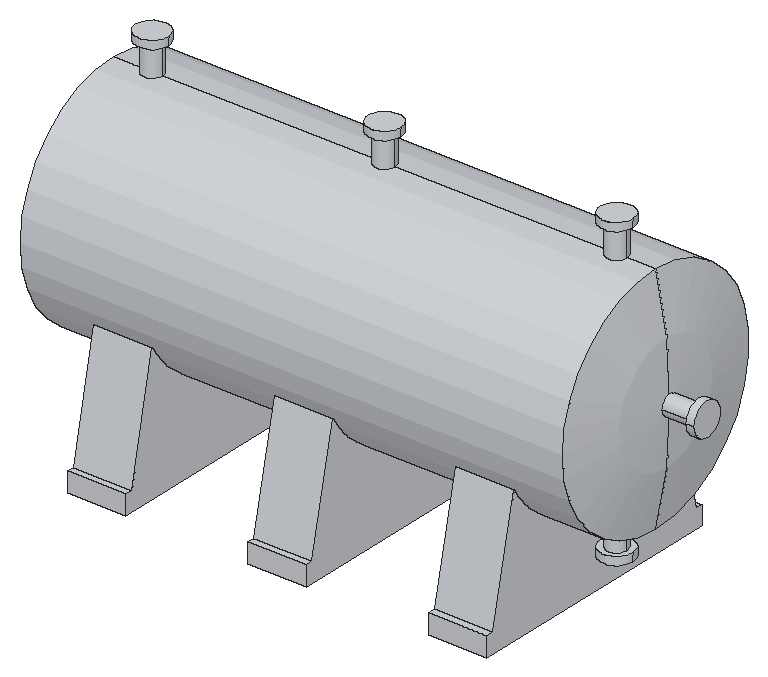
Revit family "M_Reservatório de armazenamento - Horizontal", category Equipamento mecânico, Revit 2019
Family settings
  Cota do conector redondo = Usar raio
  Tipo de parte = Normal
  Número OmniClass = 23.15.30.27.11
  Título OmniClass = Tanks, Reservoirs
  ID de item do Seek = Storage Tank - Horizontal-0000-CAN-ENU
  Com base no plano de trabalho = Não
  Sempre na vertical = Sim
  Corte com vazios quando carregada = Não
  Compartilhado = Não
  Ponto de cálculo do ambiente = Não
Parameters (values of type "456 L")
  Largura 1 = 0.41 * Diâmetro do reservatório + Altura 2 / tan(75.00°)  # 331.691 mm
  Raio da ventilação = 25 mm
  Diâmetro da ventilação = Raio da ventilação * 2  # 50 mm
  Raio do reservatório = Diâmetro do reservatório / 2  # 305 mm
  Material do reservatório = none
  Comprimento do reservatório = 1689 mm
  Diâmetro do reservatório = 610 mm
  Raio 1 = (((Comprimento do reservatório - Comprimento do corpo) / 2 - 20.637 mm - 76.2 mm) * ((Comprimento do reservatório - Comprimento do corpo) / 2 - 20.637 mm - 76.2 mm) + Raio do reservatório * Raio do reservatório) / (2 * ((Comprimento do reservatório - Comprimento do corpo) / 2 - 20.637 mm - 76.2 mm))  # 1237.882 mm
  Raio da saída = 25 mm
  Diâmetro da saída = Raio da saída * 2  # 50 mm
  Comprimento 1 = Comprimento do corpo / 6  # 236.5 mm
  Raio da embocadura = 25 mm
  Diâmetro da embocadura = Raio da embocadura * 2  # 50 mm
  Altura 2 = Altura 1 + Diâmetro do reservatório / 4  # 304.5 mm
  Altura 1 = 152 mm
  Comprimento do meio corpo = Comprimento do corpo / 2  # 709.5 mm
  Raio do sanitário = 25 mm
  Diâmetro do sanitário = Raio do sanitário * 2  # 50 mm
  Fluxo [instance] = 0.0 L/s
  Raio externo do conector = Diâmetro externo do conector / 2  # 26.25 mm
  Diâmetro externo do conector = Diâmetro da embocadura * 1.05  # 52.5 mm
  Raio externo da flange do conector = Diâmetro externo da flange do conector / 2  # 42.5 mm
  Diâmetro externo da flange do conector = Diâmetro da embocadura * 1.7  # 85 mm
  Comprimento do corpo = Comprimento do reservatório - 21 mm - 76 mm - 21 mm - 76 mm - 76 mm  # 1419 mm
  Assembly Code = ""
Types (8, lengths in mm): name | Largura 1 | Raio da ventilação | Diâmetro da ventilação | Raio do reservatório | Comprimento do reservatório | Diâmetro do reservatório | Raio 1 | Raio da saída | Diâmetro da saída | Comprimento 1 | Raio da embocadura | Diâmetro da embocadura | Altura 2 | Altura 1 | Comprimento do meio corpo | Raio do sanitário | Diâmetro do sanitário | Raio externo do conector | Diâmetro externo do conector | Raio externo da flange do conector | Diâmetro externo da flange do conector | Comprimento do corpo
  760 L | 414.643 | 32.5 | 65 | 381 | 1887 | 762 | 1920.961 | 32.5 | 65 | 269.5 | 32.5 | 65 | 381.5 | 191 | 808.5 | 32.5 | 65 | 34.125 | 68.25 | 55.25 | 110.5 | 1617
  456 L | 331.691 | 25 | 50 | 305 | 1689 | 610 | 1237.882 | 25 | 50 | 236.5 | 25 | 50 | 304.5 | 152 | 709.5 | 25 | 50 | 26.25 | 52.5 | 42.5 | 85 | 1419
  1330 L | 497.327 | 32.5 | 65 | 457 | 2293 | 914 | 2755.393 | 32.5 | 65 | 337.167 | 32.5 | 65 | 457.5 | 229 | 1011.5 | 32.5 | 65 | 34.125 | 68.25 | 55.25 | 110.5 | 2023
  1900 L | 663.172 | 40 | 80 | 609.5 | 2634 | 1219 | 4886.297 | 40 | 80 | 394 | 40 | 80 | 609.75 | 305 | 1182 | 40 | 80 | 42 | 84 | 68 | 136 | 2364
  2850 L | 663.172 | 40 | 80 | 609.5 | 2889 | 1219 | 4886.297 | 40 | 80 | 436.5 | 40 | 80 | 609.75 | 305 | 1309.5 | 40 | 80 | 42 | 84 | 68 | 136 | 2619
  3800 L | 663.172 | 40 | 80 | 609.5 | 3702 | 1219 | 4886.297 | 40 | 80 | 572 | 40 | 80 | 609.75 | 305 | 1716 | 40 | 80 | 42 | 84 | 68 | 136 | 3432
  7600 L | 746.333 | 40 | 80 | 686 | 3753 | 1372 | 6184.767 | 40 | 80 | 580.5 | 40 | 80 | 686 | 343 | 1741.5 | 40 | 80 | 42 | 84 | 68 | 136 | 3483
  114000 L | 829.017 | 40 | 80 | 762 | 3753 | 1524 | 7626.602 | 40 | 80 | 580.5 | 40 | 80 | 762 | 381 | 1741.5 | 40 | 80 | 42 | 84 | 68 | 136 | 3483
Reference planes
  plane 1 "Centro (Frente/Trás)": y = 0
  plane 2: z = 0
  plane 3 "Centro (Esquerda/Direita)": x = 0
  plane 4: z = 50.8
  plane 5: z = 202.8
  plane 6: z = 507.8
  plane 7: x = -844.5
  plane 8: x = 844.5
  plane 9: x = -823.863
  plane 10: x = 823.863
  plane 11: x = -747.663
  plane 12: x = 747.663
  plane 13: z = 812.8
  plane 14: x = -709.5
  plane 15: x = 709.5
  plane 16: x = -607.9
  plane 17: z = 889
  plane 18: z = 909.638
  plane 19: x = 607.9
  plane 20: z = 126.6
  plane 21: z = 105.962
  plane 22: x = -473
  plane 23: x = -549.2
  plane 24: x = -396.8
  plane 25: x = 473
  plane 26: x = 549.2
  plane 27: z = 355.3
  plane 28: y = -331.691
  plane 29: y = 331.691
  plane 30: y = -350.741
  plane 31: y = 350.741
  plane 32: x = 396.8
  plane 33: x = -76.2
  plane 34: x = 76.2
  plane 35: y = 305
  plane 36: y = -305
  plane 37: y = 42.5
  plane 38: y = -42.5
  plane 39: y = 26.25
  plane 40: y = -26.25
Forms (mm)
  Revolve 1, solid, material <- "Material do reservatório"
    sketch origin (0, 0, 0) x (1, 0, 0) y (0, 0, 1)
      loop
        arc (-709.5, 812.8) -> (-738.085, 661.489) -> (-747.663, 507.8) r 1237.882
        line (-747.663, 507.8) -> (747.663, 507.8)
        arc (747.663, 507.8) -> (738.085, 661.489) -> (709.5, 812.8) r 1237.882
        line (709.5, 812.8) -> (-709.5, 812.8)
      axis (-747.663, 507.8) -> (747.663, 507.8)
    angle from 0 to 360
  Extrusion 2, solid, material <- "Material do reservatório"
    sketch origin (0, 0, 0) x (1, 0, 0) y (0, 1, 0)
      loop
        circle (-607.9, 0) r 26.25
    from 812.8 to 889
  Extrusion 3, solid, material <- "Material do reservatório"
    sketch origin (0, 0, 0) x (1, 0, 0) y (0, 1, 0)
      loop
        circle (-607.9, 0) r 42.5
    from 889 to 909.637
  Extrusion 4, solid, material <- "Material do reservatório"
    sketch origin (0, 0, 0) x (1, 0, 0) y (0, 1, 0)
      loop
        circle (607.9, 0) r 26.25
    from 812.8 to 889
  Extrusion 5, solid, material <- "Material do reservatório"
    sketch origin (0, 0, 0) x (1, 0, 0) y (0, 1, 0)
      loop
        circle (607.9, 0) r 42.5
    from 889 to 909.637
  Extrusion 6, solid, material <- "Material do reservatório"
    sketch origin (0, 0, 0) x (1, 0, 0) y (0, 1, 0)
      loop
        circle (0, 0) r 26.25
    from 812.8 to 889
  Extrusion 7, solid, material <- "Material do reservatório"
    sketch origin (0, 0, 0) x (1, 0, 0) y (0, 1, 0)
      loop
        circle (0, 0) r 42.5
    from 889 to 909.637
  Extrusion 8, solid, material <- "Material do reservatório"
    sketch origin (0, 0, 0) x (1, 0, 0) y (0, 1, 0)
      loop
        circle (-607.9, 0) r 26.25
    from 126.6 to 202.8
  Extrusion 9, solid, material <- "Material do reservatório"
    sketch origin (0, 0, 0) x (1, 0, 0) y (0, 1, 0)
      loop
        circle (-607.9, 0) r 42.5
    from 105.962 to 126.6
  Extrusion 10, solid, material <- "Material do reservatório"
    sketch origin (0, 0, 0) x (1, 0, 0) y (0, 1, 0)
      loop
        circle (607.9, 0) r 26.25
    from 126.6 to 202.8
  Extrusion 11, solid, material <- "Material do reservatório"
    sketch origin (0, 0, 0) x (1, 0, 0) y (0, 1, 0)
      loop
        circle (607.9, 0) r 42.5
    from 105.962 to 126.6
  Extrusion 12, solid, material <- "Material do reservatório"
    sketch origin (0, 0, 0) x (0, 1, 0) y (0, 0, 1)
      loop
        circle (0, 507.8) r 26.25
    from -823.863 to -747.663
  Extrusion 13, solid, material <- "Material do reservatório"
    sketch origin (0, 0, 0) x (0, 1, 0) y (0, 0, 1)
      loop
        circle (0, 507.8) r 42.5
    from -844.5 to -823.863
  Extrusion 14, solid, material <- "Material do reservatório"
    sketch origin (0, 0, 0) x (0, 1, 0) y (0, 0, 1)
      loop
        circle (0, 507.8) r 26.25
    from 747.663 to 823.863
  Extrusion 15, solid, material <- "Material do reservatório"
    sketch origin (0, 0, 0) x (0, 1, 0) y (0, 0, 1)
      loop
        circle (0, 507.8) r 42.5
    from 823.863 to 844.5
  Extrusion 16, solid, material <- "Material do reservatório"
    sketch origin (0, 0, 0) x (0, 1, 0) y (0, 0, 1)
      loop
        arc (264.138, 355.3) -> (0, 202.8) -> (-264.138, 355.3) r 305
        line (-264.138, 355.3) -> (-331.691, 50.8) -> (-350.741, 50.8) -> (-350.741, 0) -> (350.741, 0) -> (350.741, 50.8) -> (331.691, 50.8) -> (264.138, 355.3)
    from -549.2 to -396.8
  Extrusion 17, solid, material <- "Material do reservatório"
    sketch origin (1993.9, 0, 0) x (0, 1, 0) y (0, 0, 1)
      loop
        arc (264.138, 355.3) -> (0, 202.8) -> (-264.138, 355.3) r 305
        line (-264.138, 355.3) -> (-331.691, 50.8) -> (-350.741, 50.8) -> (-350.741, 0) -> (350.741, 0) -> (350.741, 50.8) -> (331.691, 50.8) -> (264.138, 355.3)
    from -1597.1 to -1444.7
  Extrusion 18, solid, material <- "Material do reservatório"
    sketch origin (474.133, 0, 0) x (0, 1, 0) y (0, 0, 1)
      loop
        arc (264.138, 355.3) -> (0, 202.8) -> (-264.138, 355.3) r 305
        line (-264.138, 355.3) -> (-331.691, 50.8) -> (-350.741, 50.8) -> (-350.741, 0) -> (350.741, 0) -> (350.741, 50.8) -> (331.691, 50.8) -> (264.138, 355.3)
    from -550.333 to -397.933
Lines and regions (mm)
  symbolic lines, detail levels fine
    curve 1: circle (-607.9, 0, 0) r 42.5 normal (0, 0, 1)
    curve 2: circle (0, 0, 0) r 42.5 normal (0, 0, 1)
    curve 3: circle (607.9, 0, 0) r 42.5 normal (0, 0, 1)
Dimensions and locks
  locked: plane 4 to plane 2 at 50.8
  "Altura 1": plane 5 to plane 4
  "Raio do reservatório": plane 6 to plane 5
  "Comprimento do reservatório": plane 8 to plane 7
  equal spacing: plane 8, plane 3 "Centro (Esquerda/Direita)", plane 7
  locked: plane 9 to plane 7 at 20.638
  locked: plane 8 to plane 10 at 20.638
  locked: plane 11 to plane 9 at 76.2
  locked: plane 10 to plane 12 at 76.2
  "Raio do reservatório": plane 13 to plane 6
  "Comprimento do meio corpo": plane 3 "Centro (Esquerda/Direita)" to plane 14
  "Comprimento do meio corpo": plane 15 to plane 3 "Centro (Esquerda/Direita)"
  locked: plane 14 to plane 16 at 101.6
  locked: plane 17 to plane 13 at 76.2
  locked: plane 18 to plane 17 at 20.637
  locked: plane 19 to plane 15 at 101.6
  locked: plane 5 to plane 20 at 76.2
  locked: plane 20 to plane 21 at 20.638
  "Comprimento 1": plane 22 to plane 14
  locked: plane 22 to plane 23 at 76.2
  locked: plane 24 to plane 22 at 76.2
  "Comprimento 1": plane 15 to plane 25
  locked: plane 26 to plane 25 at 76.2
  "Largura 1": plane 1 "Centro (Frente/Trás)" to plane 28
  "Largura 1": plane 29 to plane 1 "Centro (Frente/Trás)"
  locked: plane 28 to plane 30 at 19.05
  locked: plane 31 to plane 29 at 19.05
  "Altura 2": plane 27 to plane 4
  locked: plane 25 to plane 32 at 76.2
  locked: plane 34 to plane 3 "Centro (Esquerda/Direita)" at 76.2
  locked: plane 3 "Centro (Esquerda/Direita)" to plane 33 at 76.2
  "Raio do reservatório": plane 1 "Centro (Frente/Trás)" to plane 35
  "Raio do reservatório": plane 1 "Centro (Frente/Trás)" to plane 36
  "Raio externo da flange do conector": plane 37 to plane 1 "Centro (Frente/Trás)"
  "Raio externo da flange do conector": plane 1 "Centro (Frente/Trás)" to plane 38
  "Raio externo do conector": plane 1 "Centro (Frente/Trás)" to plane 39
  "Raio externo do conector": plane 40 to plane 1 "Centro (Frente/Trás)"
  "Raio externo do conector": radius of Extrusion 2 sketch curve
  "Raio externo da flange do conector": radius of Extrusion 3 sketch curve
  "Raio externo do conector": radius of Extrusion 4 sketch curve
  "Raio externo da flange do conector": radius of Extrusion 5 sketch curve
  "Raio externo do conector": radius of Extrusion 6 sketch curve
  "Raio externo da flange do conector": radius of Extrusion 7 sketch curve
  "Raio externo do conector": radius of Extrusion 8 sketch curve
  "Raio externo da flange do conector": radius of Extrusion 9 sketch curve
  "Raio externo do conector": radius of Extrusion 10 sketch curve
  "Raio externo da flange do conector": radius of Extrusion 11 sketch curve
  "Raio externo do conector": radius of Extrusion 12 sketch curve
  "Raio externo da flange do conector": radius of Extrusion 13 sketch curve
  "Raio externo do conector": radius of Extrusion 14 sketch curve
  "Raio externo da flange do conector": radius of Extrusion 15 sketch curve
  "Raio do reservatório": radius of Extrusion 16 sketch curve
  "Raio do reservatório": radius of Extrusion 17 sketch curve
  "Raio do reservatório": radius of Extrusion 18 sketch curve
  "Raio externo da flange do conector": radius of curve 1
  "Raio externo da flange do conector": radius of curve 2
  "Raio externo da flange do conector": radius of curve 3
  aligned and locked: Revolve 1 sketch curve to plane 6  (x2)
  aligned and locked: Revolve 1 sketch curve to plane 13
  aligned and locked: plane 14 to Revolve 1 sketch curve
  aligned and locked: Revolve 1 sketch curve to Revolve 1 sketch curve
  aligned and locked: plane 15 to Revolve 1 sketch curve
  aligned and locked: plane 11 to Revolve 1 sketch curve
  aligned and locked: plane 12 to Revolve 1 sketch curve
  aligned and locked: plane 1 "Centro (Frente/Trás)" to Extrusion 2 sketch curve
  aligned and locked: plane 16 to Extrusion 2 sketch curve
  aligned and locked: plane 13 to Extrusion 2
  aligned and locked: plane 17 to Extrusion 2
  aligned and locked: plane 1 "Centro (Frente/Trás)" to Extrusion 3 sketch curve
  aligned and locked: plane 16 to Extrusion 3 sketch curve
  aligned and locked: plane 17 to Extrusion 3
  aligned and locked: plane 18 to Extrusion 3
  aligned and locked: plane 1 "Centro (Frente/Trás)" to Extrusion 4 sketch curve
  aligned and locked: plane 19 to Extrusion 4 sketch curve
  aligned and locked: Extrusion 4 to Extrusion 2
  aligned and locked: Extrusion 4 to plane 13
  aligned and locked: plane 1 "Centro (Frente/Trás)" to Extrusion 5 sketch curve
  aligned and locked: plane 19 to Extrusion 5 sketch curve
  aligned and locked: plane 18 to Extrusion 5
  aligned and locked: Extrusion 5 to plane 17
  aligned and locked: plane 3 "Centro (Esquerda/Direita)" to Extrusion 6 sketch curve
  aligned and locked: plane 1 "Centro (Frente/Trás)" to Extrusion 6 sketch curve
  aligned and locked: plane 17 to Extrusion 6
  aligned and locked: Extrusion 6 to plane 13
  aligned and locked: plane 3 "Centro (Esquerda/Direita)" to Extrusion 7 sketch curve
  aligned and locked: plane 1 "Centro (Frente/Trás)" to Extrusion 7 sketch curve
  aligned and locked: plane 18 to Extrusion 7
  aligned and locked: Extrusion 7 to plane 17
  aligned and locked: plane 16 to Extrusion 8 sketch curve
  aligned and locked: plane 1 "Centro (Frente/Trás)" to Extrusion 8 sketch curve
  aligned and locked: plane 5 to Extrusion 8
  aligned and locked: Extrusion 8 to plane 20
  aligned and locked: plane 16 to Extrusion 9 sketch curve
  aligned and locked: plane 1 "Centro (Frente/Trás)" to Extrusion 9 sketch curve
  aligned and locked: Extrusion 9 to plane 21
  aligned and locked: plane 20 to Extrusion 9
  aligned and locked: plane 19 to Extrusion 10 sketch curve
  aligned and locked: plane 1 "Centro (Frente/Trás)" to Extrusion 10 sketch curve
  aligned and locked: plane 5 to Extrusion 10
  aligned and locked: Extrusion 10 to plane 20
  aligned and locked: plane 19 to Extrusion 11 sketch curve
  aligned and locked: plane 1 "Centro (Frente/Trás)" to Extrusion 11 sketch curve
  aligned and locked: plane 20 to Extrusion 11
  aligned and locked: Extrusion 11 to plane 21
  aligned and locked: plane 1 "Centro (Frente/Trás)" to Extrusion 12 sketch curve
  aligned and locked: plane 6 to Extrusion 12 sketch curve
  aligned and locked: Extrusion 12 to plane 9
  aligned and locked: plane 11 to Extrusion 12
  aligned and locked: plane 1 "Centro (Frente/Trás)" to Extrusion 13 sketch curve
  aligned and locked: plane 6 to Extrusion 13 sketch curve
  aligned and locked: Extrusion 13 to plane 7
  aligned and locked: plane 9 to Extrusion 13
  aligned and locked: plane 1 "Centro (Frente/Trás)" to Extrusion 14 sketch curve
  aligned and locked: plane 6 to Extrusion 14 sketch curve
  aligned and locked: plane 10 to Extrusion 14
  aligned and locked: Extrusion 14 to plane 12
  aligned and locked: plane 6 to Extrusion 15 sketch curve
  aligned and locked: plane 1 "Centro (Frente/Trás)" to Extrusion 15 sketch curve
  aligned and locked: plane 8 to Extrusion 15
  aligned and locked: Extrusion 15 to plane 10
  aligned and locked: plane 6 to Extrusion 16 sketch curve
  aligned and locked: plane 1 "Centro (Frente/Trás)" to Extrusion 16 sketch curve
  aligned and locked: plane 27 to Extrusion 16 sketch curve  (x2)
  aligned and locked: plane 4 to Extrusion 16 sketch curve  (x4)
  aligned and locked: plane 28 to Extrusion 16 sketch curve
  aligned and locked: plane 29 to Extrusion 16 sketch curve
  aligned and locked: plane 30 to Extrusion 16 sketch curve  (x2)
  aligned and locked: Extrusion 16 sketch curve to plane 31
  aligned and locked: plane 2 to Extrusion 16 sketch curve  (x2)
  aligned and locked: plane 31 to Extrusion 16 sketch curve
  aligned and locked: Extrusion 16 to plane 23
  aligned and locked: plane 24 to Extrusion 16
  aligned and locked: plane 26 to Extrusion 17
  aligned and locked: Extrusion 17 to plane 32
  aligned and locked: plane 6 to Extrusion 17 sketch curve
  aligned and locked: plane 1 "Centro (Frente/Trás)" to Extrusion 17 sketch curve
  aligned and locked: plane 27 to Extrusion 17 sketch curve  (x2)
  aligned and locked: plane 4 to Extrusion 17 sketch curve  (x4)
  aligned and locked: plane 28 to Extrusion 17 sketch curve
  aligned and locked: plane 30 to Extrusion 17 sketch curve  (x2)
  aligned and locked: plane 29 to Extrusion 17 sketch curve
  aligned and locked: Extrusion 17 sketch curve to plane 31
  aligned and locked: plane 2 to Extrusion 17 sketch curve  (x2)
  aligned and locked: plane 31 to Extrusion 17 sketch curve
  aligned and locked: plane 34 to Extrusion 18
  aligned and locked: Extrusion 18 to plane 33
  aligned and locked: plane 6 to Extrusion 18 sketch curve
  aligned and locked: plane 1 "Centro (Frente/Trás)" to Extrusion 18 sketch curve
  aligned and locked: plane 27 to Extrusion 18 sketch curve  (x2)
  aligned and locked: plane 4 to Extrusion 18 sketch curve  (x4)
  aligned and locked: plane 29 to Extrusion 18 sketch curve
  aligned and locked: plane 28 to Extrusion 18 sketch curve
  aligned and locked: plane 31 to Extrusion 18 sketch curve  (x2)
  aligned and locked: plane 30 to Extrusion 18 sketch curve  (x2)
  aligned and locked: plane 2 to Extrusion 18 sketch curve  (x2)
  aligned and locked: plane 16 to curve 1
  aligned and locked: plane 1 "Centro (Frente/Trás)" to curve 1
  aligned and locked: plane 1 "Centro (Frente/Trás)" to curve 2
  aligned and locked: plane 3 "Centro (Esquerda/Direita)" to curve 2
  aligned and locked: plane 1 "Centro (Frente/Trás)" to curve 3
  aligned and locked: plane 19 to curve 3
Automatic sketch dimensions
  Revolve 1 sketch curve to plane 12 = 0 mm
  plane 8 to Revolve 1 sketch curve = 112.713 mm
Connectors
  piping at (-607.9, 0, 105.962), diameter 50, driven by "Raio da embocadura", driven by "Fluxo"
    settings: on Extrusion 9, index 1, connector inside diameter 50 mm, connector length 0 mm, flow factor 0, pipe flow 0.0 L/s, pressure drop 0.0 Pa, fitting loss kfactor 0, connector angle 0.00°, fixture units 0, engagement length 0 mm, angle of deflection 0.00°, flow configuration 1, flow direction 1, fitting loss method 4, system type 22, joint type 0, gender type 0, connector reference index -1, connector utility 0, adjustable connector no, is connector primary yes, connector description "Entrada do reservatório"
  piping at (607.9, 0, 909.637), diameter 50, driven by "Raio da saída", driven by "Fluxo"
    settings: on Extrusion 5, index 2, connector inside diameter 50 mm, connector length 0 mm, flow factor 0, pipe flow 0.0 L/s, pressure drop 0.0 Pa, fitting loss kfactor 0, connector angle 0.00°, fixture units 0, engagement length 0 mm, angle of deflection 0.00°, flow configuration 0, flow direction 2, fitting loss method 4, system type 22, joint type 0, gender type 0, connector reference index -1, connector utility 0, adjustable connector no, is connector primary no, connector description "Saída do reservatório"
  piping at (607.9, 0, 105.962), diameter 50, driven by "Raio do sanitário"
    settings: on Extrusion 11, index 3, connector inside diameter 50 mm, connector length 0 mm, flow factor 0, pipe flow 0.0 L/s, pressure drop 0.0 Pa, fitting loss kfactor 0, connector angle 0.00°, fixture units 0, engagement length 0 mm, angle of deflection 0.00°, flow configuration 1, flow direction 2, fitting loss method 0, system type 16, joint type 0, gender type 0, connector reference index -1, connector utility 0, adjustable connector no, is connector primary no, connector description "Saída"
  piping at (0, 0, 909.637), diameter 50, driven by "Raio da ventilação"
    settings: on Extrusion 7, index 4, connector inside diameter 50 mm, connector length 0 mm, flow factor 0, pipe flow 0.0 L/s, pressure drop 0.0 Pa, fitting loss kfactor 0, connector angle 0.00°, fixture units 0, engagement length 0 mm, angle of deflection 0.00°, flow configuration 1, flow direction 2, fitting loss method 0, system type 22, joint type 0, gender type 0, connector reference index -1, connector utility 0, adjustable connector no, is connector primary no, connector description "Saída"
